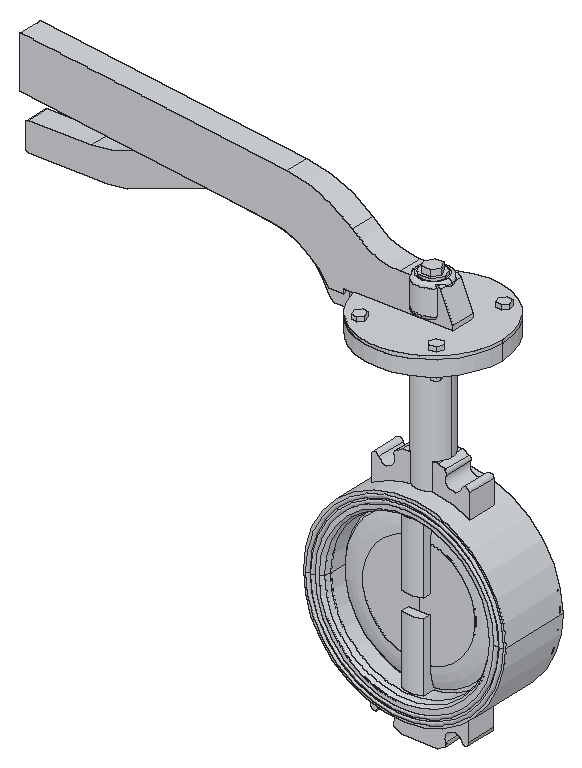
Revit family "R59WX008", category Plumbing Fixtures, Revit 2015
Reference planes
  plane 1 "Center (Front/Back)": y = 0
  plane 2: z = 0
  plane 3 "Center (Left/Right)": x = 0
  plane 4: z = 160
  plane 5: x = -260
  plane 6: z = 237
  plane 7: z = 187
  plane 8: z = -85
  plane 9: z = -30
  plane 10: z = 190
  plane 11: y = -22.988
  plane 12: y = 23.012
  plane 13: z = -36.419
Forms (mm)
  Extrusion 1, solid
    sketch origin (0, 0, 150) x (1, 0, 0) y (0, 1, 0)
      loop
        circle (0, 0) r 45
    from 0 to 10
  Extrusion 2, solid
    sketch origin (0, 0, -76.95) x (1, 0, 0) y (0, 1, 0)
      loop
        circle (0, 0) r 12
    from 139.942 to 226.95
  Revolve 3, solid
    sketch origin (0, 0, 0) x (0, 1, 0) y (0, 0, 1)
      loop
        line (11.11, 0) -> (-11.11, 0) -> (-11.11, -36.419)
        arc (-11.11, -36.419) -> (-10.33, -43.591) -> (-8, -50.419) r 32.79
        line (-8, -50.419) -> (-6, -50.419) -> (-6, -53.419) -> (0, -53.419) -> (6, -53.419) -> (6, -50.419) -> (8, -50.419)
        arc (8, -50.419) -> (10.33, -43.591) -> (11.11, -36.419) r 32.79
        line (11.11, -36.419) -> (11.11, 0)
      axis (11.11, 0) -> (-11.11, 0)
    angle from 0 to 360
  Blend 4, solid
    base sketch origin (0, 0, -4.163) x (1, 0, 0) y (0, 1, 0)
      loop
        line (-6.883, 16.4) -> (-6.883, -16.4)
        arc (-6.883, -16.4) -> (0, -18.078) -> (6.883, -16.4) r 14.953
        line (6.883, -16.4) -> (6.883, 16.4)
        arc (6.883, 16.4) -> (0, 18.078) -> (-6.883, 16.4) r 14.953
    top sketch origin (0, 0, 0) x (1, 0, 0) y (0, 1, 0)
      loop
        line (-6.883, 16.4) -> (-6.883, -16.4)
        arc (-6.883, -16.4) -> (0, -18.078) -> (6.883, -16.4) r 14.953
        line (6.883, -16.4) -> (6.883, 16.4)
        arc (6.883, 16.4) -> (0, 18.078) -> (-6.883, 16.4) r 14.953
    from 10.163 to 50.498
  Blend 5, solid
    base sketch origin (0, 0, -38.601) x (0, -1, 0) y (1, 0, 0)
      loop
        line (-16.4, -6.883) -> (16.4, -6.883)
        arc (16.4, -6.883) -> (18.078, 0) -> (16.4, 6.883) r 14.953
        line (16.4, 6.883) -> (-16.4, 6.883)
        arc (-16.4, 6.883) -> (-18.078, 0) -> (-16.4, -6.883) r 14.953
    top sketch origin (0, 0, -35.117) x (0, -1, 0) y (1, 0, 0)
      loop
        line (-16.4, -6.883) -> (16.4, -6.883)
        arc (16.4, -6.883) -> (18.078, 0) -> (16.4, 6.883) r 14.953
        line (16.4, 6.883) -> (-16.4, 6.883)
        arc (-16.4, 6.883) -> (-18.078, 0) -> (-16.4, -6.883) r 14.953
    from -11.937 to 29.117
  Extrusion 6, solid
    sketch origin (99.126, -27.447, 162) x (0, -1, 0) y (1, 0, 0)
      loop
        line (3.99, -123.113) -> (0.805, -120.344) -> (-3.184, -121.718) -> (-3.99, -125.86) -> (-0.805, -128.628) -> (3.184, -127.254) -> (3.99, -123.113)
    from 0 to 3
  Extrusion 7, solid
    sketch origin (99.126, -27.447, 142) x (0, -1, 0) y (1, 0, 0)
      loop
        circle (0, -124.486) r 3
    from 2.505 to 20
  Extrusion 8, solid
    sketch origin (99.126, -27.447, 149) x (0, -1, 0) y (1, 0, 0)
      loop
        line (3.99, -123.113) -> (0.805, -120.344) -> (-3.184, -121.718) -> (-3.99, -125.86) -> (-0.805, -128.628) -> (3.184, -127.254) -> (3.99, -123.113)
      loop
        line (-3.444, -125.672) -> (-0.695, -128.061) -> (2.749, -126.876) -> (3.444, -123.301) -> (0.695, -120.911) -> (-2.749, -122.097) -> (-3.444, -125.672)
    from -1.968 to 1
  Extrusion 9, solid, not visible
    sketch origin (26.117, -96.518, 104.233) x (0, -1, 0) y (1, 0, 0)
      loop
        line (3.99, -123.113) -> (0.805, -120.344) -> (-3.184, -121.718) -> (-3.99, -125.86) -> (-0.805, -128.628) -> (3.184, -127.254) -> (3.99, -123.113)
    from 0 to 3
  Extrusion 10, solid, not visible
    sketch origin (26.117, -96.518, 84.233) x (0, -1, 0) y (1, 0, 0)
      loop
        circle (0, -124.486) r 3
    from 2.505 to 20
  Extrusion 11, solid, not visible
    sketch origin (26.117, -96.518, 91.233) x (0, -1, 0) y (1, 0, 0)
      loop
        line (3.99, -123.113) -> (0.805, -120.344) -> (-3.184, -121.718) -> (-3.99, -125.86) -> (-0.805, -128.628) -> (3.184, -127.254) -> (3.99, -123.113)
      loop
        line (-3.444, -125.672) -> (-0.695, -128.061) -> (2.749, -126.876) -> (3.444, -123.301) -> (0.695, -120.911) -> (-2.749, -122.097) -> (-3.444, -125.672)
    from -1.968 to 1
  Extrusion 12, solid
    sketch origin (0, 0, 160) x (1, 0, 0) y (0, 1, 0)
      loop
        circle (0, 0) r 45
    from 0 to 2
  Extrusion 13, solid
    sketch origin (99.126, -27.447, 162) x (0, -1, 0) y (1, 0, 0)
      loop
        line (-58.884, -123.113) -> (-58.079, -127.254) -> (-54.09, -128.628) -> (-50.905, -125.86) -> (-51.71, -121.718) -> (-55.7, -120.344) -> (-58.884, -123.113)
    from 0 to 3
  Extrusion 14, solid
    sketch origin (99.126, -27.447, 142) x (0, -1, 0) y (1, 0, 0)
      loop
        circle (-54.895, -124.486) r 3
    from 2.505 to 20
  Extrusion 15, solid
    sketch origin (99.126, -27.447, 149) x (0, -1, 0) y (1, 0, 0)
      loop
        line (-58.884, -123.113) -> (-58.079, -127.254) -> (-54.09, -128.628) -> (-50.905, -125.86) -> (-51.71, -121.718) -> (-55.7, -120.344) -> (-58.884, -123.113)
      loop
        line (-51.451, -125.672) -> (-52.146, -122.097) -> (-55.59, -120.911) -> (-58.339, -123.301) -> (-57.644, -126.876) -> (-54.2, -128.061) -> (-51.451, -125.672)
    from -1.968 to 1
  Extrusion 16, solid
    sketch origin (-100.376, 27.447, 162) x (0, 1, 0) y (-1, 0, 0)
      loop
        line (-58.884, -123.113) -> (-58.079, -127.254) -> (-54.09, -128.628) -> (-50.905, -125.86) -> (-51.71, -121.718) -> (-55.7, -120.344) -> (-58.884, -123.113)
    from 0 to 3
  Extrusion 17, solid
    sketch origin (-100.376, 27.447, 142) x (0, 1, 0) y (-1, 0, 0)
      loop
        circle (-54.895, -124.486) r 3
    from 2.505 to 20
  Extrusion 18, solid
    sketch origin (-100.376, 27.447, 149) x (0, 1, 0) y (-1, 0, 0)
      loop
        line (-58.884, -123.113) -> (-58.079, -127.254) -> (-54.09, -128.628) -> (-50.905, -125.86) -> (-51.71, -121.718) -> (-55.7, -120.344) -> (-58.884, -123.113)
      loop
        line (-51.451, -125.672) -> (-52.146, -122.097) -> (-55.59, -120.911) -> (-58.339, -123.301) -> (-57.644, -126.876) -> (-54.2, -128.061) -> (-51.451, -125.672)
    from -1.968 to 1
  Extrusion 19, solid
    sketch origin (-100.376, 27.447, 162) x (0, 1, 0) y (-1, 0, 0)
      loop
        line (3.99, -123.113) -> (0.805, -120.344) -> (-3.184, -121.718) -> (-3.99, -125.86) -> (-0.805, -128.628) -> (3.184, -127.254) -> (3.99, -123.113)
    from 0 to 3
  Extrusion 20, solid
    sketch origin (-100.376, 27.447, 142) x (0, 1, 0) y (-1, 0, 0)
      loop
        circle (0, -124.486) r 3
    from 2.505 to 20
  Extrusion 21, solid
    sketch origin (-100.376, 27.447, 149) x (0, 1, 0) y (-1, 0, 0)
      loop
        line (3.99, -123.113) -> (0.805, -120.344) -> (-3.184, -121.718) -> (-3.99, -125.86) -> (-0.805, -128.628) -> (3.184, -127.254) -> (3.99, -123.113)
      loop
        line (-3.444, -125.672) -> (-0.695, -128.061) -> (2.749, -126.876) -> (3.444, -123.301) -> (0.695, -120.911) -> (-2.749, -122.097) -> (-3.444, -125.672)
    from -1.968 to 1
  Extrusion 22, solid
    sketch origin (125.063, -27.447, 187.144) x (0, -1, 0) y (1, 0, 0)
      loop
        line (-32.638, -122.069) -> (-32.638, -128.062) -> (-27.447, -131.059) -> (-22.257, -128.062) -> (-22.257, -122.069) -> (-27.447, -119.072) -> (-32.638, -122.069)
    from -1.014 to 2.856
  Extrusion 23, solid
    sketch origin (124.477, -54.895, 182.2) x (0, -1, 0) y (1, 0, 0)
      loop
        circle (-54.895, -124.486) r 8
    from -22.2 to 3.931
  Sweep 24, solid
    path origin (0, 0, 0) x (1, 0, 0) y (0, 0, 1)
      loop
        circle (0, 0) r 66
    profile origin (0, 0, -66) x (0, 0, 1) y (0, -1, 0)
      loop
        line (0.625, 23.012) -> (0.625, -23.012) -> (2.39, -23.012)
        arc (2.39, -23.012) -> (3.404, -24.026) -> (4.417, -23.012) r 1.014
        line (4.417, -23.012) -> (5.69, -23.012)
        arc (5.69, -23.012) -> (6.704, -24.026) -> (7.718, -23.012) r 1.014
        line (7.718, -23.012) -> (10.888, -23.012) -> (12.517, -20.67) -> (13.454, -17.173) -> (13.454, 17.173) -> (12.517, 20.67) -> (10.888, 23.012) -> (7.718, 23.012)
        arc (7.718, 23.012) -> (6.704, 24.026) -> (5.69, 23.012) r 1.014
        line (5.69, 23.012) -> (4.417, 23.012)
        arc (4.417, 23.012) -> (3.404, 24.026) -> (2.39, 23.012) r 1.014
        line (2.39, 23.012) -> (0.625, 23.012)
  Revolve 25, solid
    sketch origin (0, 0, 20) x (1, 0, 0) y (0, 0, 1)
      loop
        line (-9.486, 143.746) -> (0, 143.746) -> (0, 165) -> (-9.486, 165)
        arc (-9.486, 165) -> (-11.259, 164.265) -> (-11.994, 162.492) r 2.508
        line (-11.994, 162.492) -> (-11.994, 146.254)
        arc (-11.994, 146.254) -> (-11.259, 144.481) -> (-9.486, 143.746) r 2.508
      axis (0, 143.746) -> (0, 165)
    angle from 0 to 360
  Extrusion 26, solid
    sketch origin (-0.645, 45.948, -121.069) x (1, 0, 0) y (0, 0, 1)
      loop
        arc (-14.408, 305.574) -> (-31.009, 309.172) -> (-44.632, 319.319) r 40.102
        arc (-44.632, 319.319) -> (-64.682, 331.561) -> (-87.387, 337.59) r 81.686
        line (-87.387, 337.59) -> (-259.322, 357.495)
        arc (-259.322, 357.495) -> (-259.796, 357.345) -> (-260, 356.891) r 0.608
        line (-260, 356.891) -> (-260, 323.702) -> (-98.154, 304.965)
        arc (-98.154, 304.965) -> (-76.145, 296.857) -> (-60.289, 279.573) r 49.8
        line (-60.289, 279.573) -> (-50.289, 279.573) -> (-50.289, 282.573) -> (19.968, 282.573) -> (19.968, 285.573) -> (12.259, 303.735)
        arc (12.259, 303.735) -> (11.142, 305.075) -> (9.47, 305.574) r 3.02
        line (9.47, 305.574) -> (-14.408, 305.574)
    from 37.966 to 54.11
  Extrusion 27, solid
    sketch origin (-38.428, 45.948, -195.583) x (1, 0, 0) y (0, 0, 1)
      loop
        arc (-22.093, 349.062) -> (-20.549, 347.09) -> (-18.159, 346.344) r 4.207
        line (-18.159, 346.344) -> (-9.636, 346.344) -> (-9.636, 357.087) -> (-17.519, 357.087)
        arc (-17.519, 357.087) -> (-19.393, 357.527) -> (-20.874, 358.756) r 4.207
        line (-20.874, 358.756) -> (-36.673, 388.468)
        arc (-36.673, 388.468) -> (-42.926, 395.877) -> (-51.675, 400.052) r 23.006
        line (-51.675, 400.052) -> (-121.464, 408.132)
        arc (-121.464, 408.132) -> (-146.554, 389.335) -> (-177.106, 382.301) r 75.785
        line (-177.106, 382.301) -> (-217.214, 382.301)
        arc (-217.214, 382.301) -> (-218.486, 381.806) -> (-219.141, 380.609) r 1.995
        line (-219.141, 380.609) -> (-219.141, 365.458)
        arc (-219.141, 365.458) -> (-218.486, 364.261) -> (-217.214, 363.766) r 1.995
        line (-217.214, 363.766) -> (-165.969, 363.766)
        arc (-165.969, 363.766) -> (-159.476, 364.161) -> (-153.041, 365.112) r 75.785
        line (-153.041, 365.112) -> (-102.034, 383.677) -> (-60.442, 378.862)
        arc (-60.442, 378.862) -> (-37.124, 369.314) -> (-22.17, 349.033) r 46.662
    from 38.356 to 53.486
  Extrusion 28, solid
    sketch origin (-3.471, 0.293, -6.801) x (1, 0, 0) y (0, 0, 1)
      loop
        arc (18.871, -73.351) -> (19.767, -72.069) -> (19.652, -70.517) r 2.274
        arc (19.652, -70.517) -> (22.463, -63.15) -> (29.701, -66.279) r 5.458
        arc (29.701, -66.279) -> (32.458, -68.037) -> (34.596, -65.563) r 2.5
        line (34.596, -65.563) -> (34.596, -49.453)
        arc (34.596, -49.453) -> (2.811, -57.296) -> (-28.974, -49.453) r 68.332
        line (-28.974, -49.453) -> (-28.974, -65.563)
        arc (-28.974, -65.563) -> (-26.836, -68.037) -> (-24.079, -66.279) r 2.5
        arc (-24.079, -66.279) -> (-16.841, -63.15) -> (-14.03, -70.517) r 5.458
        arc (-14.03, -70.517) -> (-14.145, -72.069) -> (-13.249, -73.349) r 2.274
        arc (-13.249, -73.349) -> (-11.147, -74.651) -> (-8.94, -75.766) r 28.535
        line (-8.94, -75.766) -> (14.565, -75.766)
        arc (14.565, -75.766) -> (16.77, -74.652) -> (18.871, -73.351) r 28.535
    from -9.388 to 9.974
  Extrusion 29, solid
    sketch origin (-3.159, 0.293, 8.533) x (1, 0, 0) y (0, 0, 1)
      loop
        arc (18.871, 71.788) -> (16.77, 73.089) -> (14.565, 74.203) r 28.535
        line (14.565, 74.203) -> (-8.94, 74.203)
        arc (-8.94, 74.203) -> (-11.147, 73.088) -> (-13.249, 71.787) r 28.535
        arc (-13.249, 71.787) -> (-14.145, 70.506) -> (-14.03, 68.955) r 2.274
        arc (-14.03, 68.955) -> (-16.841, 61.587) -> (-24.079, 64.717) r 5.458
        arc (-24.079, 64.717) -> (-26.836, 66.474) -> (-28.974, 64.001) r 2.5
        line (-28.974, 64.001) -> (-28.974, 47.891)
        arc (-28.974, 47.891) -> (2.811, 56.452) -> (34.596, 47.891) r 63.282
        line (34.596, 47.891) -> (34.596, 64.001)
        arc (34.596, 64.001) -> (32.458, 66.474) -> (29.701, 64.717) r 2.5
        arc (29.701, 64.717) -> (22.463, 61.587) -> (19.652, 68.955) r 5.458
        arc (19.652, 68.955) -> (19.767, 70.506) -> (18.871, 71.788) r 2.274
    from -9.388 to 9.974
Dimensions and locks
  plane 2 to plane 4 = 160 mm
  plane 3 "Center (Left/Right)" to plane 5 = 260 mm
  level to plane 6 = 237 mm
  plane 8 to level = 85 mm
  locked: plane 4 to plane 10 at 30
  plane 12 to plane 11 = 46 mm
  aligned and locked: level to plane 2
